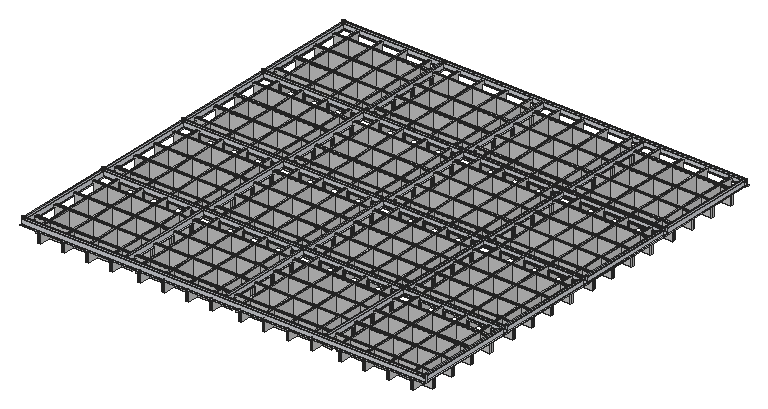
Revit family "GRD-WFL-001_RFA", category Modelos genéricos, Revit 2022 (continued)
Forms (in)
  Extrusion 621, solid
    sketch origin (59.61275, 23.99827, -1.20924) x (0, 1, 0) y (0, 0, -1)
      loop
        line (0.96881, 1.14538) -> (0.96881, -1.85462) -> (0.65631, -1.85462) -> (0.65631, -2.35462) -> (0.96881, -2.35462) -> (3.48948, -2.35462) -> (3.48948, -0.60462) -> (4.19814, -0.60462) -> (4.19814, -2.35462) -> (9.23948, -2.35462) -> (9.23948, -0.60462) -> (9.94814, -0.60462) -> (9.94814, -2.35462) -> (14.98948, -2.35462) -> (14.98948, -0.60462) -> (15.69814, -0.60462) -> (15.69814, -2.35462) -> (20.73948, -2.35462) -> (20.73948, -0.60462) -> (21.44814, -0.60462) -> (21.44814, -2.35462) -> (24.28131, -2.35462) -> (24.28131, -1.85462) -> (23.96881, -1.85462) -> (23.96881, 1.14538) -> (0.96881, 1.14538)
    from -3.96341 to -3.49097
  Extrusion 622, solid
    sketch origin (65.36275, 23.99827, -1.20924) x (0, 1, 0) y (0, 0, -1)
      loop
        line (0.96881, 1.14538) -> (0.96881, -1.85462) -> (0.65631, -1.85462) -> (0.65631, -2.35462) -> (0.96881, -2.35462) -> (3.48948, -2.35462) -> (3.48948, -0.60462) -> (4.19814, -0.60462) -> (4.19814, -2.35462) -> (9.23948, -2.35462) -> (9.23948, -0.60462) -> (9.94814, -0.60462) -> (9.94814, -2.35462) -> (14.98948, -2.35462) -> (14.98948, -0.60462) -> (15.69814, -0.60462) -> (15.69814, -2.35462) -> (20.73948, -2.35462) -> (20.73948, -0.60462) -> (21.44814, -0.60462) -> (21.44814, -2.35462) -> (24.28131, -2.35462) -> (24.28131, -1.85462) -> (23.96881, -1.85462) -> (23.96881, 1.14538) -> (0.96881, 1.14538)
    from -3.96341 to -3.49097
  Extrusion 623, solid
    sketch origin (47.99613, 47.99851, 0) x (1, 0, 0) y (0, 0, 1)
      loop
        line (0.96881, 0.64538) -> (0.96881, -2.35462) -> (3.48948, -2.35462) -> (3.48948, -0.60462) -> (4.19814, -0.60462) -> (4.19814, -2.35462) -> (9.23948, -2.35462) -> (9.23948, -0.60462) -> (9.94814, -0.60462) -> (9.94814, -2.35462) -> (14.98948, -2.35462) -> (14.98948, -0.60462) -> (15.69814, -0.60462) -> (15.69814, -2.35462) -> (20.73948, -2.35462) -> (20.73948, -0.60462) -> (21.44814, -0.60462) -> (21.44814, -2.35462) -> (23.96881, -2.35462) -> (23.96881, 0.64538) -> (24.28131, 0.64538) -> (24.28131, 1.14538) -> (0.65631, 1.14538) -> (0.65631, 0.64538) -> (0.96881, 0.64538)
    from -3.60908 to -3.49097
  Extrusion 624, solid
    sketch origin (47.99613, 47.99851, 0) x (1, 0, 0) y (0, 0, 1)
      loop
        line (0.96881, 0.64538) -> (0.96881, -2.35462) -> (3.48948, -2.35462) -> (3.48948, -0.60462) -> (4.19814, -0.60462) -> (4.19814, -2.35462) -> (9.23948, -2.35462) -> (9.23948, -0.60462) -> (9.94814, -0.60462) -> (9.94814, -2.35462) -> (14.98948, -2.35462) -> (14.98948, -0.60462) -> (15.69814, -0.60462) -> (15.69814, -2.35462) -> (20.73948, -2.35462) -> (20.73948, -0.60462) -> (21.44814, -0.60462) -> (21.44814, -2.35462) -> (23.96881, -2.35462) -> (23.96881, 0.64538) -> (24.28131, 0.64538) -> (24.28131, 1.14538) -> (0.65631, 1.14538) -> (0.65631, 0.64538) -> (0.96881, 0.64538)
    from -4.08152 to -3.60908
  Extrusion 625, solid
    sketch origin (47.99613, 47.99851, 0) x (1, 0, 0) y (0, 0, 1)
      loop
        line (0.96881, 0.64538) -> (0.96881, -2.35462) -> (3.48948, -2.35462) -> (3.48948, -0.60462) -> (4.19814, -0.60462) -> (4.19814, -2.35462) -> (9.23948, -2.35462) -> (9.23948, -0.60462) -> (9.94814, -0.60462) -> (9.94814, -2.35462) -> (14.98948, -2.35462) -> (14.98948, -0.60462) -> (15.69814, -0.60462) -> (15.69814, -2.35462) -> (20.73948, -2.35462) -> (20.73948, -0.60462) -> (21.44814, -0.60462) -> (21.44814, -2.35462) -> (23.96881, -2.35462) -> (23.96881, 0.64538) -> (24.28131, 0.64538) -> (24.28131, 1.14538) -> (0.65631, 1.14538) -> (0.65631, 0.64538) -> (0.96881, 0.64538)
    from -4.19963 to -4.08152
  Extrusion 626, solid
    sketch origin (47.99464, 47.99999, -1.20924) x (0, 1, 0) y (0, 0, -1)
      loop
        line (0.96881, 1.14538) -> (0.96881, -1.85462) -> (0.65631, -1.85462) -> (0.65631, -2.35462) -> (0.96881, -2.35462) -> (3.48948, -2.35462) -> (3.48948, -0.60462) -> (4.19814, -0.60462) -> (4.19814, -2.35462) -> (9.23948, -2.35462) -> (9.23948, -0.60462) -> (9.94814, -0.60462) -> (9.94814, -2.35462) -> (14.98948, -2.35462) -> (14.98948, -0.60462) -> (15.69814, -0.60462) -> (15.69814, -2.35462) -> (20.73948, -2.35462) -> (20.73948, -0.60462) -> (21.44814, -0.60462) -> (21.44814, -2.35462) -> (24.28131, -2.35462) -> (24.28131, -1.85462) -> (23.96881, -1.85462) -> (23.96881, 1.14538) -> (0.96881, 1.14538)
    from -3.60908 to -3.49097
  Extrusion 627, solid
    sketch origin (48.11275, 47.99999, -1.20924) x (0, 1, 0) y (0, 0, -1)
      loop
        line (0.96881, 1.14538) -> (0.96881, -1.85462) -> (0.65631, -1.85462) -> (0.65631, -2.35462) -> (0.96881, -2.35462) -> (3.48948, -2.35462) -> (3.48948, -0.60462) -> (4.19814, -0.60462) -> (4.19814, -2.35462) -> (9.23948, -2.35462) -> (9.23948, -0.60462) -> (9.94814, -0.60462) -> (9.94814, -2.35462) -> (14.98948, -2.35462) -> (14.98948, -0.60462) -> (15.69814, -0.60462) -> (15.69814, -2.35462) -> (20.73948, -2.35462) -> (20.73948, -0.60462) -> (21.44814, -0.60462) -> (21.44814, -2.35462) -> (24.28131, -2.35462) -> (24.28131, -1.85462) -> (23.96881, -1.85462) -> (23.96881, 1.14538) -> (0.96881, 1.14538)
    from -3.96341 to -3.49097
  Extrusion 628, solid
    sketch origin (47.99464, 47.99999, -1.20924) x (0, 1, 0) y (0, 0, -1)
      loop
        line (0.96881, 1.14538) -> (0.96881, -1.85462) -> (0.65631, -1.85462) -> (0.65631, -2.35462) -> (0.96881, -2.35462) -> (3.48948, -2.35462) -> (3.48948, -0.60462) -> (4.19814, -0.60462) -> (4.19814, -2.35462) -> (9.23948, -2.35462) -> (9.23948, -0.60462) -> (9.94814, -0.60462) -> (9.94814, -2.35462) -> (14.98948, -2.35462) -> (14.98948, -0.60462) -> (15.69814, -0.60462) -> (15.69814, -2.35462) -> (20.73948, -2.35462) -> (20.73948, -0.60462) -> (21.44814, -0.60462) -> (21.44814, -2.35462) -> (24.28131, -2.35462) -> (24.28131, -1.85462) -> (23.96881, -1.85462) -> (23.96881, 1.14538) -> (0.96881, 1.14538)
    from -4.19963 to -4.08152
  Extrusion 629, solid
    sketch origin (47.99613, 47.99851, 0) x (1, 0, 0) y (0, 0, 1)
      loop
        line (0.96881, 0.64538) -> (0.96881, -2.35462) -> (3.48948, -2.35462) -> (3.48948, -0.60462) -> (4.19814, -0.60462) -> (4.19814, -2.35462) -> (9.23948, -2.35462) -> (9.23948, -0.60462) -> (9.94814, -0.60462) -> (9.94814, -2.35462) -> (14.98948, -2.35462) -> (14.98948, -0.60462) -> (15.69814, -0.60462) -> (15.69814, -2.35462) -> (20.73948, -2.35462) -> (20.73948, -0.60462) -> (21.44814, -0.60462) -> (21.44814, -2.35462) -> (23.96881, -2.35462) -> (23.96881, 0.64538) -> (24.28131, 0.64538) -> (24.28131, 1.14538) -> (0.65631, 1.14538) -> (0.65631, 0.64538) -> (0.96881, 0.64538)
    from -9.94963 to -9.83152
  Extrusion 630, solid
    sketch origin (47.99613, 47.99851, 0) x (1, 0, 0) y (0, 0, 1)
      loop
        line (0.96881, 0.64538) -> (0.96881, -2.35462) -> (3.48948, -2.35462) -> (3.48948, -0.60462) -> (4.19814, -0.60462) -> (4.19814, -2.35462) -> (9.23948, -2.35462) -> (9.23948, -0.60462) -> (9.94814, -0.60462) -> (9.94814, -2.35462) -> (14.98948, -2.35462) -> (14.98948, -0.60462) -> (15.69814, -0.60462) -> (15.69814, -2.35462) -> (20.73948, -2.35462) -> (20.73948, -0.60462) -> (21.44814, -0.60462) -> (21.44814, -2.35462) -> (23.96881, -2.35462) -> (23.96881, 0.64538) -> (24.28131, 0.64538) -> (24.28131, 1.14538) -> (0.65631, 1.14538) -> (0.65631, 0.64538) -> (0.96881, 0.64538)
    from -9.35908 to -9.24097
  Extrusion 631, solid
    sketch origin (47.99613, 47.99851, 0) x (1, 0, 0) y (0, 0, 1)
      loop
        line (0.96881, 0.64538) -> (0.96881, -2.35462) -> (3.48948, -2.35462) -> (3.48948, -0.60462) -> (4.19814, -0.60462) -> (4.19814, -2.35462) -> (9.23948, -2.35462) -> (9.23948, -0.60462) -> (9.94814, -0.60462) -> (9.94814, -2.35462) -> (14.98948, -2.35462) -> (14.98948, -0.60462) -> (15.69814, -0.60462) -> (15.69814, -2.35462) -> (20.73948, -2.35462) -> (20.73948, -0.60462) -> (21.44814, -0.60462) -> (21.44814, -2.35462) -> (23.96881, -2.35462) -> (23.96881, 0.64538) -> (24.28131, 0.64538) -> (24.28131, 1.14538) -> (0.65631, 1.14538) -> (0.65631, 0.64538) -> (0.96881, 0.64538)
    from -9.83152 to -9.35908
  Extrusion 632, solid
    sketch origin (47.99613, 47.99851, 0) x (1, 0, 0) y (0, 0, 1)
      loop
        line (0.96881, 0.64538) -> (0.96881, -2.35462) -> (3.48948, -2.35462) -> (3.48948, -0.60462) -> (4.19814, -0.60462) -> (4.19814, -2.35462) -> (9.23948, -2.35462) -> (9.23948, -0.60462) -> (9.94814, -0.60462) -> (9.94814, -2.35462) -> (14.98948, -2.35462) -> (14.98948, -0.60462) -> (15.69814, -0.60462) -> (15.69814, -2.35462) -> (20.73948, -2.35462) -> (20.73948, -0.60462) -> (21.44814, -0.60462) -> (21.44814, -2.35462) -> (23.96881, -2.35462) -> (23.96881, 0.64538) -> (24.28131, 0.64538) -> (24.28131, 1.14538) -> (0.65631, 1.14538) -> (0.65631, 0.64538) -> (0.96881, 0.64538)
    from -15.69963 to -15.58152
  Extrusion 633, solid
    sketch origin (47.99613, 47.99851, 0) x (1, 0, 0) y (0, 0, 1)
      loop
        line (0.96881, 0.64538) -> (0.96881, -2.35462) -> (3.48948, -2.35462) -> (3.48948, -0.60462) -> (4.19814, -0.60462) -> (4.19814, -2.35462) -> (9.23948, -2.35462) -> (9.23948, -0.60462) -> (9.94814, -0.60462) -> (9.94814, -2.35462) -> (14.98948, -2.35462) -> (14.98948, -0.60462) -> (15.69814, -0.60462) -> (15.69814, -2.35462) -> (20.73948, -2.35462) -> (20.73948, -0.60462) -> (21.44814, -0.60462) -> (21.44814, -2.35462) -> (23.96881, -2.35462) -> (23.96881, 0.64538) -> (24.28131, 0.64538) -> (24.28131, 1.14538) -> (0.65631, 1.14538) -> (0.65631, 0.64538) -> (0.96881, 0.64538)
    from -15.10908 to -14.99097
  Extrusion 634, solid
    sketch origin (47.99613, 47.99851, 0) x (1, 0, 0) y (0, 0, 1)
      loop
        line (0.96881, 0.64538) -> (0.96881, -2.35462) -> (3.48948, -2.35462) -> (3.48948, -0.60462) -> (4.19814, -0.60462) -> (4.19814, -2.35462) -> (9.23948, -2.35462) -> (9.23948, -0.60462) -> (9.94814, -0.60462) -> (9.94814, -2.35462) -> (14.98948, -2.35462) -> (14.98948, -0.60462) -> (15.69814, -0.60462) -> (15.69814, -2.35462) -> (20.73948, -2.35462) -> (20.73948, -0.60462) -> (21.44814, -0.60462) -> (21.44814, -2.35462) -> (23.96881, -2.35462) -> (23.96881, 0.64538) -> (24.28131, 0.64538) -> (24.28131, 1.14538) -> (0.65631, 1.14538) -> (0.65631, 0.64538) -> (0.96881, 0.64538)
    from -15.58152 to -15.10908
  Extrusion 635, solid
    sketch origin (47.99613, 47.99851, 0) x (1, 0, 0) y (0, 0, 1)
      loop
        line (0.96881, 0.64538) -> (0.96881, -2.35462) -> (3.48948, -2.35462) -> (3.48948, -0.60462) -> (4.19814, -0.60462) -> (4.19814, -2.35462) -> (9.23948, -2.35462) -> (9.23948, -0.60462) -> (9.94814, -0.60462) -> (9.94814, -2.35462) -> (14.98948, -2.35462) -> (14.98948, -0.60462) -> (15.69814, -0.60462) -> (15.69814, -2.35462) -> (20.73948, -2.35462) -> (20.73948, -0.60462) -> (21.44814, -0.60462) -> (21.44814, -2.35462) -> (23.96881, -2.35462) -> (23.96881, 0.64538) -> (24.28131, 0.64538) -> (24.28131, 1.14538) -> (0.65631, 1.14538) -> (0.65631, 0.64538) -> (0.96881, 0.64538)
    from -21.44963 to -21.33152
  Extrusion 636, solid
    sketch origin (47.99613, 47.99851, 0) x (1, 0, 0) y (0, 0, 1)
      loop
        line (0.96881, 0.64538) -> (0.96881, -2.35462) -> (3.48948, -2.35462) -> (3.48948, -0.60462) -> (4.19814, -0.60462) -> (4.19814, -2.35462) -> (9.23948, -2.35462) -> (9.23948, -0.60462) -> (9.94814, -0.60462) -> (9.94814, -2.35462) -> (14.98948, -2.35462) -> (14.98948, -0.60462) -> (15.69814, -0.60462) -> (15.69814, -2.35462) -> (20.73948, -2.35462) -> (20.73948, -0.60462) -> (21.44814, -0.60462) -> (21.44814, -2.35462) -> (23.96881, -2.35462) -> (23.96881, 0.64538) -> (24.28131, 0.64538) -> (24.28131, 1.14538) -> (0.65631, 1.14538) -> (0.65631, 0.64538) -> (0.96881, 0.64538)
    from -20.85908 to -20.74097
  Extrusion 637, solid
    sketch origin (47.99613, 47.99851, 0) x (1, 0, 0) y (0, 0, 1)
      loop
        line (0.96881, 0.64538) -> (0.96881, -2.35462) -> (3.48948, -2.35462) -> (3.48948, -0.60462) -> (4.19814, -0.60462) -> (4.19814, -2.35462) -> (9.23948, -2.35462) -> (9.23948, -0.60462) -> (9.94814, -0.60462) -> (9.94814, -2.35462) -> (14.98948, -2.35462) -> (14.98948, -0.60462) -> (15.69814, -0.60462) -> (15.69814, -2.35462) -> (20.73948, -2.35462) -> (20.73948, -0.60462) -> (21.44814, -0.60462) -> (21.44814, -2.35462) -> (23.96881, -2.35462) -> (23.96881, 0.64538) -> (24.28131, 0.64538) -> (24.28131, 1.14538) -> (0.65631, 1.14538) -> (0.65631, 0.64538) -> (0.96881, 0.64538)
    from -21.33152 to -20.85908
  Extrusion 638, solid
    sketch origin (53.74464, 47.99999, -1.20924) x (0, 1, 0) y (0, 0, -1)
      loop
        line (0.96881, 1.14538) -> (0.96881, -1.85462) -> (0.65631, -1.85462) -> (0.65631, -2.35462) -> (0.96881, -2.35462) -> (3.48948, -2.35462) -> (3.48948, -0.60462) -> (4.19814, -0.60462) -> (4.19814, -2.35462) -> (9.23948, -2.35462) -> (9.23948, -0.60462) -> (9.94814, -0.60462) -> (9.94814, -2.35462) -> (14.98948, -2.35462) -> (14.98948, -0.60462) -> (15.69814, -0.60462) -> (15.69814, -2.35462) -> (20.73948, -2.35462) -> (20.73948, -0.60462) -> (21.44814, -0.60462) -> (21.44814, -2.35462) -> (24.28131, -2.35462) -> (24.28131, -1.85462) -> (23.96881, -1.85462) -> (23.96881, 1.14538) -> (0.96881, 1.14538)
    from -4.19963 to -4.08152
  Extrusion 639, solid
    sketch origin (53.15409, 47.99999, -1.20924) x (0, 1, 0) y (0, 0, -1)
      loop
        line (0.96881, 1.14538) -> (0.96881, -1.85462) -> (0.65631, -1.85462) -> (0.65631, -2.35462) -> (0.96881, -2.35462) -> (3.48948, -2.35462) -> (3.48948, -0.60462) -> (4.19814, -0.60462) -> (4.19814, -2.35462) -> (9.23948, -2.35462) -> (9.23948, -0.60462) -> (9.94814, -0.60462) -> (9.94814, -2.35462) -> (14.98948, -2.35462) -> (14.98948, -0.60462) -> (15.69814, -0.60462) -> (15.69814, -2.35462) -> (20.73948, -2.35462) -> (20.73948, -0.60462) -> (21.44814, -0.60462) -> (21.44814, -2.35462) -> (24.28131, -2.35462) -> (24.28131, -1.85462) -> (23.96881, -1.85462) -> (23.96881, 1.14538) -> (0.96881, 1.14538)
    from -4.19963 to -4.08152
  Extrusion 640, solid
    sketch origin (59.49464, 47.99999, -1.20924) x (0, 1, 0) y (0, 0, -1)
      loop
        line (0.96881, 1.14538) -> (0.96881, -1.85462) -> (0.65631, -1.85462) -> (0.65631, -2.35462) -> (0.96881, -2.35462) -> (3.48948, -2.35462) -> (3.48948, -0.60462) -> (4.19814, -0.60462) -> (4.19814, -2.35462) -> (9.23948, -2.35462) -> (9.23948, -0.60462) -> (9.94814, -0.60462) -> (9.94814, -2.35462) -> (14.98948, -2.35462) -> (14.98948, -0.60462) -> (15.69814, -0.60462) -> (15.69814, -2.35462) -> (20.73948, -2.35462) -> (20.73948, -0.60462) -> (21.44814, -0.60462) -> (21.44814, -2.35462) -> (24.28131, -2.35462) -> (24.28131, -1.85462) -> (23.96881, -1.85462) -> (23.96881, 1.14538) -> (0.96881, 1.14538)
    from -4.19963 to -4.08152
  Extrusion 641, solid
    sketch origin (58.90409, 47.99999, -1.20924) x (0, 1, 0) y (0, 0, -1)
      loop
        line (0.96881, 1.14538) -> (0.96881, -1.85462) -> (0.65631, -1.85462) -> (0.65631, -2.35462) -> (0.96881, -2.35462) -> (3.48948, -2.35462) -> (3.48948, -0.60462) -> (4.19814, -0.60462) -> (4.19814, -2.35462) -> (9.23948, -2.35462) -> (9.23948, -0.60462) -> (9.94814, -0.60462) -> (9.94814, -2.35462) -> (14.98948, -2.35462) -> (14.98948, -0.60462) -> (15.69814, -0.60462) -> (15.69814, -2.35462) -> (20.73948, -2.35462) -> (20.73948, -0.60462) -> (21.44814, -0.60462) -> (21.44814, -2.35462) -> (24.28131, -2.35462) -> (24.28131, -1.85462) -> (23.96881, -1.85462) -> (23.96881, 1.14538) -> (0.96881, 1.14538)
    from -4.19963 to -4.08152
  Extrusion 642, solid
    sketch origin (64.65409, 47.99999, -1.20924) x (0, 1, 0) y (0, 0, -1)
      loop
        line (0.96881, 1.14538) -> (0.96881, -1.85462) -> (0.65631, -1.85462) -> (0.65631, -2.35462) -> (0.96881, -2.35462) -> (3.48948, -2.35462) -> (3.48948, -0.60462) -> (4.19814, -0.60462) -> (4.19814, -2.35462) -> (9.23948, -2.35462) -> (9.23948, -0.60462) -> (9.94814, -0.60462) -> (9.94814, -2.35462) -> (14.98948, -2.35462) -> (14.98948, -0.60462) -> (15.69814, -0.60462) -> (15.69814, -2.35462) -> (20.73948, -2.35462) -> (20.73948, -0.60462) -> (21.44814, -0.60462) -> (21.44814, -2.35462) -> (24.28131, -2.35462) -> (24.28131, -1.85462) -> (23.96881, -1.85462) -> (23.96881, 1.14538) -> (0.96881, 1.14538)
    from -4.19963 to -4.08152
  Extrusion 643, solid
    sketch origin (65.24464, 47.99999, -1.20924) x (0, 1, 0) y (0, 0, -1)
      loop
        line (0.96881, 1.14538) -> (0.96881, -1.85462) -> (0.65631, -1.85462) -> (0.65631, -2.35462) -> (0.96881, -2.35462) -> (3.48948, -2.35462) -> (3.48948, -0.60462) -> (4.19814, -0.60462) -> (4.19814, -2.35462) -> (9.23948, -2.35462) -> (9.23948, -0.60462) -> (9.94814, -0.60462) -> (9.94814, -2.35462) -> (14.98948, -2.35462) -> (14.98948, -0.60462) -> (15.69814, -0.60462) -> (15.69814, -2.35462) -> (20.73948, -2.35462) -> (20.73948, -0.60462) -> (21.44814, -0.60462) -> (21.44814, -2.35462) -> (24.28131, -2.35462) -> (24.28131, -1.85462) -> (23.96881, -1.85462) -> (23.96881, 1.14538) -> (0.96881, 1.14538)
    from -4.19963 to -4.08152
  Extrusion 644, solid
    sketch origin (53.86275, 47.99999, -1.20924) x (0, 1, 0) y (0, 0, -1)
      loop
        line (0.96881, 1.14538) -> (0.96881, -1.85462) -> (0.65631, -1.85462) -> (0.65631, -2.35462) -> (0.96881, -2.35462) -> (3.48948, -2.35462) -> (3.48948, -0.60462) -> (4.19814, -0.60462) -> (4.19814, -2.35462) -> (9.23948, -2.35462) -> (9.23948, -0.60462) -> (9.94814, -0.60462) -> (9.94814, -2.35462) -> (14.98948, -2.35462) -> (14.98948, -0.60462) -> (15.69814, -0.60462) -> (15.69814, -2.35462) -> (20.73948, -2.35462) -> (20.73948, -0.60462) -> (21.44814, -0.60462) -> (21.44814, -2.35462) -> (24.28131, -2.35462) -> (24.28131, -1.85462) -> (23.96881, -1.85462) -> (23.96881, 1.14538) -> (0.96881, 1.14538)
    from -3.96341 to -3.49097
  Extrusion 645, solid
    sketch origin (59.61275, 47.99999, -1.20924) x (0, 1, 0) y (0, 0, -1)
      loop
        line (0.96881, 1.14538) -> (0.96881, -1.85462) -> (0.65631, -1.85462) -> (0.65631, -2.35462) -> (0.96881, -2.35462) -> (3.48948, -2.35462) -> (3.48948, -0.60462) -> (4.19814, -0.60462) -> (4.19814, -2.35462) -> (9.23948, -2.35462) -> (9.23948, -0.60462) -> (9.94814, -0.60462) -> (9.94814, -2.35462) -> (14.98948, -2.35462) -> (14.98948, -0.60462) -> (15.69814, -0.60462) -> (15.69814, -2.35462) -> (20.73948, -2.35462) -> (20.73948, -0.60462) -> (21.44814, -0.60462) -> (21.44814, -2.35462) -> (24.28131, -2.35462) -> (24.28131, -1.85462) -> (23.96881, -1.85462) -> (23.96881, 1.14538) -> (0.96881, 1.14538)
    from -3.96341 to -3.49097
  Extrusion 646, solid
    sketch origin (65.36275, 47.99999, -1.20924) x (0, 1, 0) y (0, 0, -1)
      loop
        line (0.96881, 1.14538) -> (0.96881, -1.85462) -> (0.65631, -1.85462) -> (0.65631, -2.35462) -> (0.96881, -2.35462) -> (3.48948, -2.35462) -> (3.48948, -0.60462) -> (4.19814, -0.60462) -> (4.19814, -2.35462) -> (9.23948, -2.35462) -> (9.23948, -0.60462) -> (9.94814, -0.60462) -> (9.94814, -2.35462) -> (14.98948, -2.35462) -> (14.98948, -0.60462) -> (15.69814, -0.60462) -> (15.69814, -2.35462) -> (20.73948, -2.35462) -> (20.73948, -0.60462) -> (21.44814, -0.60462) -> (21.44814, -2.35462) -> (24.28131, -2.35462) -> (24.28131, -1.85462) -> (23.96881, -1.85462) -> (23.96881, 1.14538) -> (0.96881, 1.14538)
    from -3.96341 to -3.49097
  Extrusion 647, solid
    sketch origin (47.99613, 71.99679, 0) x (1, 0, 0) y (0, 0, 1)
      loop
        line (0.96881, 0.64538) -> (0.96881, -2.35462) -> (3.48948, -2.35462) -> (3.48948, -0.60462) -> (4.19814, -0.60462) -> (4.19814, -2.35462) -> (9.23948, -2.35462) -> (9.23948, -0.60462) -> (9.94814, -0.60462) -> (9.94814, -2.35462) -> (14.98948, -2.35462) -> (14.98948, -0.60462) -> (15.69814, -0.60462) -> (15.69814, -2.35462) -> (20.73948, -2.35462) -> (20.73948, -0.60462) -> (21.44814, -0.60462) -> (21.44814, -2.35462) -> (23.96881, -2.35462) -> (23.96881, 0.64538) -> (24.28131, 0.64538) -> (24.28131, 1.14538) -> (0.65631, 1.14538) -> (0.65631, 0.64538) -> (0.96881, 0.64538)
    from -3.60908 to -3.49097
  Extrusion 648, solid
    sketch origin (47.99613, 71.99679, 0) x (1, 0, 0) y (0, 0, 1)
      loop
        line (0.96881, 0.64538) -> (0.96881, -2.35462) -> (3.48948, -2.35462) -> (3.48948, -0.60462) -> (4.19814, -0.60462) -> (4.19814, -2.35462) -> (9.23948, -2.35462) -> (9.23948, -0.60462) -> (9.94814, -0.60462) -> (9.94814, -2.35462) -> (14.98948, -2.35462) -> (14.98948, -0.60462) -> (15.69814, -0.60462) -> (15.69814, -2.35462) -> (20.73948, -2.35462) -> (20.73948, -0.60462) -> (21.44814, -0.60462) -> (21.44814, -2.35462) -> (23.96881, -2.35462) -> (23.96881, 0.64538) -> (24.28131, 0.64538) -> (24.28131, 1.14538) -> (0.65631, 1.14538) -> (0.65631, 0.64538) -> (0.96881, 0.64538)
    from -4.08152 to -3.60908
  Extrusion 649, solid
    sketch origin (47.99613, 71.99679, 0) x (1, 0, 0) y (0, 0, 1)
      loop
        line (0.96881, 0.64538) -> (0.96881, -2.35462) -> (3.48948, -2.35462) -> (3.48948, -0.60462) -> (4.19814, -0.60462) -> (4.19814, -2.35462) -> (9.23948, -2.35462) -> (9.23948, -0.60462) -> (9.94814, -0.60462) -> (9.94814, -2.35462) -> (14.98948, -2.35462) -> (14.98948, -0.60462) -> (15.69814, -0.60462) -> (15.69814, -2.35462) -> (20.73948, -2.35462) -> (20.73948, -0.60462) -> (21.44814, -0.60462) -> (21.44814, -2.35462) -> (23.96881, -2.35462) -> (23.96881, 0.64538) -> (24.28131, 0.64538) -> (24.28131, 1.14538) -> (0.65631, 1.14538) -> (0.65631, 0.64538) -> (0.96881, 0.64538)
    from -4.19963 to -4.08152
  Extrusion 650, solid
    sketch origin (47.99464, 71.99827, -1.20924) x (0, 1, 0) y (0, 0, -1)
      loop
        line (0.96881, 1.14538) -> (0.96881, -1.85462) -> (0.65631, -1.85462) -> (0.65631, -2.35462) -> (0.96881, -2.35462) -> (3.48948, -2.35462) -> (3.48948, -0.60462) -> (4.19814, -0.60462) -> (4.19814, -2.35462) -> (9.23948, -2.35462) -> (9.23948, -0.60462) -> (9.94814, -0.60462) -> (9.94814, -2.35462) -> (14.98948, -2.35462) -> (14.98948, -0.60462) -> (15.69814, -0.60462) -> (15.69814, -2.35462) -> (20.73948, -2.35462) -> (20.73948, -0.60462) -> (21.44814, -0.60462) -> (21.44814, -2.35462) -> (24.28131, -2.35462) -> (24.28131, -1.85462) -> (23.96881, -1.85462) -> (23.96881, 1.14538) -> (0.96881, 1.14538)
    from -3.60908 to -3.49097
  Extrusion 651, solid
    sketch origin (48.11275, 71.99827, -1.20924) x (0, 1, 0) y (0, 0, -1)
      loop
        line (0.96881, 1.14538) -> (0.96881, -1.85462) -> (0.65631, -1.85462) -> (0.65631, -2.35462) -> (0.96881, -2.35462) -> (3.48948, -2.35462) -> (3.48948, -0.60462) -> (4.19814, -0.60462) -> (4.19814, -2.35462) -> (9.23948, -2.35462) -> (9.23948, -0.60462) -> (9.94814, -0.60462) -> (9.94814, -2.35462) -> (14.98948, -2.35462) -> (14.98948, -0.60462) -> (15.69814, -0.60462) -> (15.69814, -2.35462) -> (20.73948, -2.35462) -> (20.73948, -0.60462) -> (21.44814, -0.60462) -> (21.44814, -2.35462) -> (24.28131, -2.35462) -> (24.28131, -1.85462) -> (23.96881, -1.85462) -> (23.96881, 1.14538) -> (0.96881, 1.14538)
    from -3.96341 to -3.49097
  Extrusion 652, solid
    sketch origin (47.99464, 71.99827, -1.20924) x (0, 1, 0) y (0, 0, -1)
      loop
        line (0.96881, 1.14538) -> (0.96881, -1.85462) -> (0.65631, -1.85462) -> (0.65631, -2.35462) -> (0.96881, -2.35462) -> (3.48948, -2.35462) -> (3.48948, -0.60462) -> (4.19814, -0.60462) -> (4.19814, -2.35462) -> (9.23948, -2.35462) -> (9.23948, -0.60462) -> (9.94814, -0.60462) -> (9.94814, -2.35462) -> (14.98948, -2.35462) -> (14.98948, -0.60462) -> (15.69814, -0.60462) -> (15.69814, -2.35462) -> (20.73948, -2.35462) -> (20.73948, -0.60462) -> (21.44814, -0.60462) -> (21.44814, -2.35462) -> (24.28131, -2.35462) -> (24.28131, -1.85462) -> (23.96881, -1.85462) -> (23.96881, 1.14538) -> (0.96881, 1.14538)
    from -4.19963 to -4.08152
  Extrusion 653, solid
    sketch origin (47.99613, 71.99679, 0) x (1, 0, 0) y (0, 0, 1)
      loop
        line (0.96881, 0.64538) -> (0.96881, -2.35462) -> (3.48948, -2.35462) -> (3.48948, -0.60462) -> (4.19814, -0.60462) -> (4.19814, -2.35462) -> (9.23948, -2.35462) -> (9.23948, -0.60462) -> (9.94814, -0.60462) -> (9.94814, -2.35462) -> (14.98948, -2.35462) -> (14.98948, -0.60462) -> (15.69814, -0.60462) -> (15.69814, -2.35462) -> (20.73948, -2.35462) -> (20.73948, -0.60462) -> (21.44814, -0.60462) -> (21.44814, -2.35462) -> (23.96881, -2.35462) -> (23.96881, 0.64538) -> (24.28131, 0.64538) -> (24.28131, 1.14538) -> (0.65631, 1.14538) -> (0.65631, 0.64538) -> (0.96881, 0.64538)
    from -9.94963 to -9.83152
  Extrusion 654, solid
    sketch origin (47.99613, 71.99679, 0) x (1, 0, 0) y (0, 0, 1)
      loop
        line (0.96881, 0.64538) -> (0.96881, -2.35462) -> (3.48948, -2.35462) -> (3.48948, -0.60462) -> (4.19814, -0.60462) -> (4.19814, -2.35462) -> (9.23948, -2.35462) -> (9.23948, -0.60462) -> (9.94814, -0.60462) -> (9.94814, -2.35462) -> (14.98948, -2.35462) -> (14.98948, -0.60462) -> (15.69814, -0.60462) -> (15.69814, -2.35462) -> (20.73948, -2.35462) -> (20.73948, -0.60462) -> (21.44814, -0.60462) -> (21.44814, -2.35462) -> (23.96881, -2.35462) -> (23.96881, 0.64538) -> (24.28131, 0.64538) -> (24.28131, 1.14538) -> (0.65631, 1.14538) -> (0.65631, 0.64538) -> (0.96881, 0.64538)
    from -9.35908 to -9.24097
  Extrusion 655, solid
    sketch origin (47.99613, 71.99679, 0) x (1, 0, 0) y (0, 0, 1)
      loop
        line (0.96881, 0.64538) -> (0.96881, -2.35462) -> (3.48948, -2.35462) -> (3.48948, -0.60462) -> (4.19814, -0.60462) -> (4.19814, -2.35462) -> (9.23948, -2.35462) -> (9.23948, -0.60462) -> (9.94814, -0.60462) -> (9.94814, -2.35462) -> (14.98948, -2.35462) -> (14.98948, -0.60462) -> (15.69814, -0.60462) -> (15.69814, -2.35462) -> (20.73948, -2.35462) -> (20.73948, -0.60462) -> (21.44814, -0.60462) -> (21.44814, -2.35462) -> (23.96881, -2.35462) -> (23.96881, 0.64538) -> (24.28131, 0.64538) -> (24.28131, 1.14538) -> (0.65631, 1.14538) -> (0.65631, 0.64538) -> (0.96881, 0.64538)
    from -9.83152 to -9.35908
  Extrusion 656, solid
    sketch origin (47.99613, 71.99679, 0) x (1, 0, 0) y (0, 0, 1)
      loop
        line (0.96881, 0.64538) -> (0.96881, -2.35462) -> (3.48948, -2.35462) -> (3.48948, -0.60462) -> (4.19814, -0.60462) -> (4.19814, -2.35462) -> (9.23948, -2.35462) -> (9.23948, -0.60462) -> (9.94814, -0.60462) -> (9.94814, -2.35462) -> (14.98948, -2.35462) -> (14.98948, -0.60462) -> (15.69814, -0.60462) -> (15.69814, -2.35462) -> (20.73948, -2.35462) -> (20.73948, -0.60462) -> (21.44814, -0.60462) -> (21.44814, -2.35462) -> (23.96881, -2.35462) -> (23.96881, 0.64538) -> (24.28131, 0.64538) -> (24.28131, 1.14538) -> (0.65631, 1.14538) -> (0.65631, 0.64538) -> (0.96881, 0.64538)
    from -15.69963 to -15.58152
  Extrusion 657, solid
    sketch origin (47.99613, 71.99679, 0) x (1, 0, 0) y (0, 0, 1)
      loop
        line (0.96881, 0.64538) -> (0.96881, -2.35462) -> (3.48948, -2.35462) -> (3.48948, -0.60462) -> (4.19814, -0.60462) -> (4.19814, -2.35462) -> (9.23948, -2.35462) -> (9.23948, -0.60462) -> (9.94814, -0.60462) -> (9.94814, -2.35462) -> (14.98948, -2.35462) -> (14.98948, -0.60462) -> (15.69814, -0.60462) -> (15.69814, -2.35462) -> (20.73948, -2.35462) -> (20.73948, -0.60462) -> (21.44814, -0.60462) -> (21.44814, -2.35462) -> (23.96881, -2.35462) -> (23.96881, 0.64538) -> (24.28131, 0.64538) -> (24.28131, 1.14538) -> (0.65631, 1.14538) -> (0.65631, 0.64538) -> (0.96881, 0.64538)
    from -15.10908 to -14.99097
  Extrusion 658, solid
    sketch origin (47.99613, 71.99679, 0) x (1, 0, 0) y (0, 0, 1)
      loop
        line (0.96881, 0.64538) -> (0.96881, -2.35462) -> (3.48948, -2.35462) -> (3.48948, -0.60462) -> (4.19814, -0.60462) -> (4.19814, -2.35462) -> (9.23948, -2.35462) -> (9.23948, -0.60462) -> (9.94814, -0.60462) -> (9.94814, -2.35462) -> (14.98948, -2.35462) -> (14.98948, -0.60462) -> (15.69814, -0.60462) -> (15.69814, -2.35462) -> (20.73948, -2.35462) -> (20.73948, -0.60462) -> (21.44814, -0.60462) -> (21.44814, -2.35462) -> (23.96881, -2.35462) -> (23.96881, 0.64538) -> (24.28131, 0.64538) -> (24.28131, 1.14538) -> (0.65631, 1.14538) -> (0.65631, 0.64538) -> (0.96881, 0.64538)
    from -15.58152 to -15.10908
  Extrusion 659, solid
    sketch origin (47.99613, 71.99679, 0) x (1, 0, 0) y (0, 0, 1)
      loop
        line (0.96881, 0.64538) -> (0.96881, -2.35462) -> (3.48948, -2.35462) -> (3.48948, -0.60462) -> (4.19814, -0.60462) -> (4.19814, -2.35462) -> (9.23948, -2.35462) -> (9.23948, -0.60462) -> (9.94814, -0.60462) -> (9.94814, -2.35462) -> (14.98948, -2.35462) -> (14.98948, -0.60462) -> (15.69814, -0.60462) -> (15.69814, -2.35462) -> (20.73948, -2.35462) -> (20.73948, -0.60462) -> (21.44814, -0.60462) -> (21.44814, -2.35462) -> (23.96881, -2.35462) -> (23.96881, 0.64538) -> (24.28131, 0.64538) -> (24.28131, 1.14538) -> (0.65631, 1.14538) -> (0.65631, 0.64538) -> (0.96881, 0.64538)
    from -21.44963 to -21.33152
  Extrusion 660, solid
    sketch origin (47.99613, 71.99679, 0) x (1, 0, 0) y (0, 0, 1)
      loop
        line (0.96881, 0.64538) -> (0.96881, -2.35462) -> (3.48948, -2.35462) -> (3.48948, -0.60462) -> (4.19814, -0.60462) -> (4.19814, -2.35462) -> (9.23948, -2.35462) -> (9.23948, -0.60462) -> (9.94814, -0.60462) -> (9.94814, -2.35462) -> (14.98948, -2.35462) -> (14.98948, -0.60462) -> (15.69814, -0.60462) -> (15.69814, -2.35462) -> (20.73948, -2.35462) -> (20.73948, -0.60462) -> (21.44814, -0.60462) -> (21.44814, -2.35462) -> (23.96881, -2.35462) -> (23.96881, 0.64538) -> (24.28131, 0.64538) -> (24.28131, 1.14538) -> (0.65631, 1.14538) -> (0.65631, 0.64538) -> (0.96881, 0.64538)
    from -20.85908 to -20.74097
  Extrusion 661, solid
    sketch origin (47.99613, 71.99679, 0) x (1, 0, 0) y (0, 0, 1)
      loop
        line (0.96881, 0.64538) -> (0.96881, -2.35462) -> (3.48948, -2.35462) -> (3.48948, -0.60462) -> (4.19814, -0.60462) -> (4.19814, -2.35462) -> (9.23948, -2.35462) -> (9.23948, -0.60462) -> (9.94814, -0.60462) -> (9.94814, -2.35462) -> (14.98948, -2.35462) -> (14.98948, -0.60462) -> (15.69814, -0.60462) -> (15.69814, -2.35462) -> (20.73948, -2.35462) -> (20.73948, -0.60462) -> (21.44814, -0.60462) -> (21.44814, -2.35462) -> (23.96881, -2.35462) -> (23.96881, 0.64538) -> (24.28131, 0.64538) -> (24.28131, 1.14538) -> (0.65631, 1.14538) -> (0.65631, 0.64538) -> (0.96881, 0.64538)
    from -21.33152 to -20.85908
  Extrusion 662, solid
    sketch origin (53.74464, 71.99827, -1.20924) x (0, 1, 0) y (0, 0, -1)
      loop
        line (0.96881, 1.14538) -> (0.96881, -1.85462) -> (0.65631, -1.85462) -> (0.65631, -2.35462) -> (0.96881, -2.35462) -> (3.48948, -2.35462) -> (3.48948, -0.60462) -> (4.19814, -0.60462) -> (4.19814, -2.35462) -> (9.23948, -2.35462) -> (9.23948, -0.60462) -> (9.94814, -0.60462) -> (9.94814, -2.35462) -> (14.98948, -2.35462) -> (14.98948, -0.60462) -> (15.69814, -0.60462) -> (15.69814, -2.35462) -> (20.73948, -2.35462) -> (20.73948, -0.60462) -> (21.44814, -0.60462) -> (21.44814, -2.35462) -> (24.28131, -2.35462) -> (24.28131, -1.85462) -> (23.96881, -1.85462) -> (23.96881, 1.14538) -> (0.96881, 1.14538)
    from -4.19963 to -4.08152
  Extrusion 663, solid
    sketch origin (53.15409, 71.99827, -1.20924) x (0, 1, 0) y (0, 0, -1)
      loop
        line (0.96881, 1.14538) -> (0.96881, -1.85462) -> (0.65631, -1.85462) -> (0.65631, -2.35462) -> (0.96881, -2.35462) -> (3.48948, -2.35462) -> (3.48948, -0.60462) -> (4.19814, -0.60462) -> (4.19814, -2.35462) -> (9.23948, -2.35462) -> (9.23948, -0.60462) -> (9.94814, -0.60462) -> (9.94814, -2.35462) -> (14.98948, -2.35462) -> (14.98948, -0.60462) -> (15.69814, -0.60462) -> (15.69814, -2.35462) -> (20.73948, -2.35462) -> (20.73948, -0.60462) -> (21.44814, -0.60462) -> (21.44814, -2.35462) -> (24.28131, -2.35462) -> (24.28131, -1.85462) -> (23.96881, -1.85462) -> (23.96881, 1.14538) -> (0.96881, 1.14538)
    from -4.19963 to -4.08152
  Extrusion 664, solid
    sketch origin (59.49464, 71.99827, -1.20924) x (0, 1, 0) y (0, 0, -1)
      loop
        line (0.96881, 1.14538) -> (0.96881, -1.85462) -> (0.65631, -1.85462) -> (0.65631, -2.35462) -> (0.96881, -2.35462) -> (3.48948, -2.35462) -> (3.48948, -0.60462) -> (4.19814, -0.60462) -> (4.19814, -2.35462) -> (9.23948, -2.35462) -> (9.23948, -0.60462) -> (9.94814, -0.60462) -> (9.94814, -2.35462) -> (14.98948, -2.35462) -> (14.98948, -0.60462) -> (15.69814, -0.60462) -> (15.69814, -2.35462) -> (20.73948, -2.35462) -> (20.73948, -0.60462) -> (21.44814, -0.60462) -> (21.44814, -2.35462) -> (24.28131, -2.35462) -> (24.28131, -1.85462) -> (23.96881, -1.85462) -> (23.96881, 1.14538) -> (0.96881, 1.14538)
    from -4.19963 to -4.08152
  Extrusion 665, solid
    sketch origin (58.90409, 71.99827, -1.20924) x (0, 1, 0) y (0, 0, -1)
      loop
        line (0.96881, 1.14538) -> (0.96881, -1.85462) -> (0.65631, -1.85462) -> (0.65631, -2.35462) -> (0.96881, -2.35462) -> (3.48948, -2.35462) -> (3.48948, -0.60462) -> (4.19814, -0.60462) -> (4.19814, -2.35462) -> (9.23948, -2.35462) -> (9.23948, -0.60462) -> (9.94814, -0.60462) -> (9.94814, -2.35462) -> (14.98948, -2.35462) -> (14.98948, -0.60462) -> (15.69814, -0.60462) -> (15.69814, -2.35462) -> (20.73948, -2.35462) -> (20.73948, -0.60462) -> (21.44814, -0.60462) -> (21.44814, -2.35462) -> (24.28131, -2.35462) -> (24.28131, -1.85462) -> (23.96881, -1.85462) -> (23.96881, 1.14538) -> (0.96881, 1.14538)
    from -4.19963 to -4.08152
  Extrusion 666, solid
    sketch origin (64.65409, 71.99827, -1.20924) x (0, 1, 0) y (0, 0, -1)
      loop
        line (0.96881, 1.14538) -> (0.96881, -1.85462) -> (0.65631, -1.85462) -> (0.65631, -2.35462) -> (0.96881, -2.35462) -> (3.48948, -2.35462) -> (3.48948, -0.60462) -> (4.19814, -0.60462) -> (4.19814, -2.35462) -> (9.23948, -2.35462) -> (9.23948, -0.60462) -> (9.94814, -0.60462) -> (9.94814, -2.35462) -> (14.98948, -2.35462) -> (14.98948, -0.60462) -> (15.69814, -0.60462) -> (15.69814, -2.35462) -> (20.73948, -2.35462) -> (20.73948, -0.60462) -> (21.44814, -0.60462) -> (21.44814, -2.35462) -> (24.28131, -2.35462) -> (24.28131, -1.85462) -> (23.96881, -1.85462) -> (23.96881, 1.14538) -> (0.96881, 1.14538)
    from -4.19963 to -4.08152
  Extrusion 667, solid
    sketch origin (65.24464, 71.99827, -1.20924) x (0, 1, 0) y (0, 0, -1)
      loop
        line (0.96881, 1.14538) -> (0.96881, -1.85462) -> (0.65631, -1.85462) -> (0.65631, -2.35462) -> (0.96881, -2.35462) -> (3.48948, -2.35462) -> (3.48948, -0.60462) -> (4.19814, -0.60462) -> (4.19814, -2.35462) -> (9.23948, -2.35462) -> (9.23948, -0.60462) -> (9.94814, -0.60462) -> (9.94814, -2.35462) -> (14.98948, -2.35462) -> (14.98948, -0.60462) -> (15.69814, -0.60462) -> (15.69814, -2.35462) -> (20.73948, -2.35462) -> (20.73948, -0.60462) -> (21.44814, -0.60462) -> (21.44814, -2.35462) -> (24.28131, -2.35462) -> (24.28131, -1.85462) -> (23.96881, -1.85462) -> (23.96881, 1.14538) -> (0.96881, 1.14538)
    from -4.19963 to -4.08152
  Extrusion 668, solid
    sketch origin (53.86275, 71.99827, -1.20924) x (0, 1, 0) y (0, 0, -1)
      loop
        line (0.96881, 1.14538) -> (0.96881, -1.85462) -> (0.65631, -1.85462) -> (0.65631, -2.35462) -> (0.96881, -2.35462) -> (3.48948, -2.35462) -> (3.48948, -0.60462) -> (4.19814, -0.60462) -> (4.19814, -2.35462) -> (9.23948, -2.35462) -> (9.23948, -0.60462) -> (9.94814, -0.60462) -> (9.94814, -2.35462) -> (14.98948, -2.35462) -> (14.98948, -0.60462) -> (15.69814, -0.60462) -> (15.69814, -2.35462) -> (20.73948, -2.35462) -> (20.73948, -0.60462) -> (21.44814, -0.60462) -> (21.44814, -2.35462) -> (24.28131, -2.35462) -> (24.28131, -1.85462) -> (23.96881, -1.85462) -> (23.96881, 1.14538) -> (0.96881, 1.14538)
    from -3.96341 to -3.49097
  Extrusion 669, solid
    sketch origin (59.61275, 71.99827, -1.20924) x (0, 1, 0) y (0, 0, -1)
      loop
        line (0.96881, 1.14538) -> (0.96881, -1.85462) -> (0.65631, -1.85462) -> (0.65631, -2.35462) -> (0.96881, -2.35462) -> (3.48948, -2.35462) -> (3.48948, -0.60462) -> (4.19814, -0.60462) -> (4.19814, -2.35462) -> (9.23948, -2.35462) -> (9.23948, -0.60462) -> (9.94814, -0.60462) -> (9.94814, -2.35462) -> (14.98948, -2.35462) -> (14.98948, -0.60462) -> (15.69814, -0.60462) -> (15.69814, -2.35462) -> (20.73948, -2.35462) -> (20.73948, -0.60462) -> (21.44814, -0.60462) -> (21.44814, -2.35462) -> (24.28131, -2.35462) -> (24.28131, -1.85462) -> (23.96881, -1.85462) -> (23.96881, 1.14538) -> (0.96881, 1.14538)
    from -3.96341 to -3.49097
  Extrusion 670, solid
    sketch origin (65.36275, 71.99827, -1.20924) x (0, 1, 0) y (0, 0, -1)
      loop
        line (0.96881, 1.14538) -> (0.96881, -1.85462) -> (0.65631, -1.85462) -> (0.65631, -2.35462) -> (0.96881, -2.35462) -> (3.48948, -2.35462) -> (3.48948, -0.60462) -> (4.19814, -0.60462) -> (4.19814, -2.35462) -> (9.23948, -2.35462) -> (9.23948, -0.60462) -> (9.94814, -0.60462) -> (9.94814, -2.35462) -> (14.98948, -2.35462) -> (14.98948, -0.60462) -> (15.69814, -0.60462) -> (15.69814, -2.35462) -> (20.73948, -2.35462) -> (20.73948, -0.60462) -> (21.44814, -0.60462) -> (21.44814, -2.35462) -> (24.28131, -2.35462) -> (24.28131, -1.85462) -> (23.96881, -1.85462) -> (23.96881, 1.14538) -> (0.96881, 1.14538)
    from -3.96341 to -3.49097
  Extrusion 671, solid
    sketch origin (71.99849, 23.99679, 0) x (1, 0, 0) y (0, 0, 1)
      loop
        line (0.96881, 0.64538) -> (0.96881, -2.35462) -> (3.48948, -2.35462) -> (3.48948, -0.60462) -> (4.19814, -0.60462) -> (4.19814, -2.35462) -> (9.23948, -2.35462) -> (9.23948, -0.60462) -> (9.94814, -0.60462) -> (9.94814, -2.35462) -> (14.98948, -2.35462) -> (14.98948, -0.60462) -> (15.69814, -0.60462) -> (15.69814, -2.35462) -> (20.73948, -2.35462) -> (20.73948, -0.60462) -> (21.44814, -0.60462) -> (21.44814, -2.35462) -> (23.96881, -2.35462) -> (23.96881, 0.64538) -> (24.28131, 0.64538) -> (24.28131, 1.14538) -> (0.65631, 1.14538) -> (0.65631, 0.64538) -> (0.96881, 0.64538)
    from -3.60908 to -3.49097
  Extrusion 672, solid
    sketch origin (71.99849, 23.99679, 0) x (1, 0, 0) y (0, 0, 1)
      loop
        line (0.96881, 0.64538) -> (0.96881, -2.35462) -> (3.48948, -2.35462) -> (3.48948, -0.60462) -> (4.19814, -0.60462) -> (4.19814, -2.35462) -> (9.23948, -2.35462) -> (9.23948, -0.60462) -> (9.94814, -0.60462) -> (9.94814, -2.35462) -> (14.98948, -2.35462) -> (14.98948, -0.60462) -> (15.69814, -0.60462) -> (15.69814, -2.35462) -> (20.73948, -2.35462) -> (20.73948, -0.60462) -> (21.44814, -0.60462) -> (21.44814, -2.35462) -> (23.96881, -2.35462) -> (23.96881, 0.64538) -> (24.28131, 0.64538) -> (24.28131, 1.14538) -> (0.65631, 1.14538) -> (0.65631, 0.64538) -> (0.96881, 0.64538)
    from -4.08152 to -3.60908
  Extrusion 673, solid
    sketch origin (71.99849, 23.99679, 0) x (1, 0, 0) y (0, 0, 1)
      loop
        line (0.96881, 0.64538) -> (0.96881, -2.35462) -> (3.48948, -2.35462) -> (3.48948, -0.60462) -> (4.19814, -0.60462) -> (4.19814, -2.35462) -> (9.23948, -2.35462) -> (9.23948, -0.60462) -> (9.94814, -0.60462) -> (9.94814, -2.35462) -> (14.98948, -2.35462) -> (14.98948, -0.60462) -> (15.69814, -0.60462) -> (15.69814, -2.35462) -> (20.73948, -2.35462) -> (20.73948, -0.60462) -> (21.44814, -0.60462) -> (21.44814, -2.35462) -> (23.96881, -2.35462) -> (23.96881, 0.64538) -> (24.28131, 0.64538) -> (24.28131, 1.14538) -> (0.65631, 1.14538) -> (0.65631, 0.64538) -> (0.96881, 0.64538)
    from -4.19963 to -4.08152
  Extrusion 674, solid
    sketch origin (71.997, 23.99827, -1.20924) x (0, 1, 0) y (0, 0, -1)
      loop
        line (0.96881, 1.14538) -> (0.96881, -1.85462) -> (0.65631, -1.85462) -> (0.65631, -2.35462) -> (0.96881, -2.35462) -> (3.48948, -2.35462) -> (3.48948, -0.60462) -> (4.19814, -0.60462) -> (4.19814, -2.35462) -> (9.23948, -2.35462) -> (9.23948, -0.60462) -> (9.94814, -0.60462) -> (9.94814, -2.35462) -> (14.98948, -2.35462) -> (14.98948, -0.60462) -> (15.69814, -0.60462) -> (15.69814, -2.35462) -> (20.73948, -2.35462) -> (20.73948, -0.60462) -> (21.44814, -0.60462) -> (21.44814, -2.35462) -> (24.28131, -2.35462) -> (24.28131, -1.85462) -> (23.96881, -1.85462) -> (23.96881, 1.14538) -> (0.96881, 1.14538)
    from -3.60908 to -3.49097
  Extrusion 675, solid
    sketch origin (72.11511, 23.99827, -1.20924) x (0, 1, 0) y (0, 0, -1)
      loop
        line (0.96881, 1.14538) -> (0.96881, -1.85462) -> (0.65631, -1.85462) -> (0.65631, -2.35462) -> (0.96881, -2.35462) -> (3.48948, -2.35462) -> (3.48948, -0.60462) -> (4.19814, -0.60462) -> (4.19814, -2.35462) -> (9.23948, -2.35462) -> (9.23948, -0.60462) -> (9.94814, -0.60462) -> (9.94814, -2.35462) -> (14.98948, -2.35462) -> (14.98948, -0.60462) -> (15.69814, -0.60462) -> (15.69814, -2.35462) -> (20.73948, -2.35462) -> (20.73948, -0.60462) -> (21.44814, -0.60462) -> (21.44814, -2.35462) -> (24.28131, -2.35462) -> (24.28131, -1.85462) -> (23.96881, -1.85462) -> (23.96881, 1.14538) -> (0.96881, 1.14538)
    from -3.96341 to -3.49097
  Extrusion 676, solid
    sketch origin (71.997, 23.99827, -1.20924) x (0, 1, 0) y (0, 0, -1)
      loop
        line (0.96881, 1.14538) -> (0.96881, -1.85462) -> (0.65631, -1.85462) -> (0.65631, -2.35462) -> (0.96881, -2.35462) -> (3.48948, -2.35462) -> (3.48948, -0.60462) -> (4.19814, -0.60462) -> (4.19814, -2.35462) -> (9.23948, -2.35462) -> (9.23948, -0.60462) -> (9.94814, -0.60462) -> (9.94814, -2.35462) -> (14.98948, -2.35462) -> (14.98948, -0.60462) -> (15.69814, -0.60462) -> (15.69814, -2.35462) -> (20.73948, -2.35462) -> (20.73948, -0.60462) -> (21.44814, -0.60462) -> (21.44814, -2.35462) -> (24.28131, -2.35462) -> (24.28131, -1.85462) -> (23.96881, -1.85462) -> (23.96881, 1.14538) -> (0.96881, 1.14538)
    from -4.19963 to -4.08152
  Extrusion 677, solid
    sketch origin (71.99849, 23.99679, 0) x (1, 0, 0) y (0, 0, 1)
      loop
        line (0.96881, 0.64538) -> (0.96881, -2.35462) -> (3.48948, -2.35462) -> (3.48948, -0.60462) -> (4.19814, -0.60462) -> (4.19814, -2.35462) -> (9.23948, -2.35462) -> (9.23948, -0.60462) -> (9.94814, -0.60462) -> (9.94814, -2.35462) -> (14.98948, -2.35462) -> (14.98948, -0.60462) -> (15.69814, -0.60462) -> (15.69814, -2.35462) -> (20.73948, -2.35462) -> (20.73948, -0.60462) -> (21.44814, -0.60462) -> (21.44814, -2.35462) -> (23.96881, -2.35462) -> (23.96881, 0.64538) -> (24.28131, 0.64538) -> (24.28131, 1.14538) -> (0.65631, 1.14538) -> (0.65631, 0.64538) -> (0.96881, 0.64538)
    from -9.94963 to -9.83152
  Extrusion 678, solid
    sketch origin (71.99849, 23.99679, 0) x (1, 0, 0) y (0, 0, 1)
      loop
        line (0.96881, 0.64538) -> (0.96881, -2.35462) -> (3.48948, -2.35462) -> (3.48948, -0.60462) -> (4.19814, -0.60462) -> (4.19814, -2.35462) -> (9.23948, -2.35462) -> (9.23948, -0.60462) -> (9.94814, -0.60462) -> (9.94814, -2.35462) -> (14.98948, -2.35462) -> (14.98948, -0.60462) -> (15.69814, -0.60462) -> (15.69814, -2.35462) -> (20.73948, -2.35462) -> (20.73948, -0.60462) -> (21.44814, -0.60462) -> (21.44814, -2.35462) -> (23.96881, -2.35462) -> (23.96881, 0.64538) -> (24.28131, 0.64538) -> (24.28131, 1.14538) -> (0.65631, 1.14538) -> (0.65631, 0.64538) -> (0.96881, 0.64538)
    from -9.35908 to -9.24097
  Extrusion 679, solid
    sketch origin (71.99849, 23.99679, 0) x (1, 0, 0) y (0, 0, 1)
      loop
        line (0.96881, 0.64538) -> (0.96881, -2.35462) -> (3.48948, -2.35462) -> (3.48948, -0.60462) -> (4.19814, -0.60462) -> (4.19814, -2.35462) -> (9.23948, -2.35462) -> (9.23948, -0.60462) -> (9.94814, -0.60462) -> (9.94814, -2.35462) -> (14.98948, -2.35462) -> (14.98948, -0.60462) -> (15.69814, -0.60462) -> (15.69814, -2.35462) -> (20.73948, -2.35462) -> (20.73948, -0.60462) -> (21.44814, -0.60462) -> (21.44814, -2.35462) -> (23.96881, -2.35462) -> (23.96881, 0.64538) -> (24.28131, 0.64538) -> (24.28131, 1.14538) -> (0.65631, 1.14538) -> (0.65631, 0.64538) -> (0.96881, 0.64538)
    from -9.83152 to -9.35908
  Extrusion 680, solid
    sketch origin (71.99849, 23.99679, 0) x (1, 0, 0) y (0, 0, 1)
      loop
        line (0.96881, 0.64538) -> (0.96881, -2.35462) -> (3.48948, -2.35462) -> (3.48948, -0.60462) -> (4.19814, -0.60462) -> (4.19814, -2.35462) -> (9.23948, -2.35462) -> (9.23948, -0.60462) -> (9.94814, -0.60462) -> (9.94814, -2.35462) -> (14.98948, -2.35462) -> (14.98948, -0.60462) -> (15.69814, -0.60462) -> (15.69814, -2.35462) -> (20.73948, -2.35462) -> (20.73948, -0.60462) -> (21.44814, -0.60462) -> (21.44814, -2.35462) -> (23.96881, -2.35462) -> (23.96881, 0.64538) -> (24.28131, 0.64538) -> (24.28131, 1.14538) -> (0.65631, 1.14538) -> (0.65631, 0.64538) -> (0.96881, 0.64538)
    from -15.69963 to -15.58152
  Extrusion 681, solid
    sketch origin (71.99849, 23.99679, 0) x (1, 0, 0) y (0, 0, 1)
      loop
        line (0.96881, 0.64538) -> (0.96881, -2.35462) -> (3.48948, -2.35462) -> (3.48948, -0.60462) -> (4.19814, -0.60462) -> (4.19814, -2.35462) -> (9.23948, -2.35462) -> (9.23948, -0.60462) -> (9.94814, -0.60462) -> (9.94814, -2.35462) -> (14.98948, -2.35462) -> (14.98948, -0.60462) -> (15.69814, -0.60462) -> (15.69814, -2.35462) -> (20.73948, -2.35462) -> (20.73948, -0.60462) -> (21.44814, -0.60462) -> (21.44814, -2.35462) -> (23.96881, -2.35462) -> (23.96881, 0.64538) -> (24.28131, 0.64538) -> (24.28131, 1.14538) -> (0.65631, 1.14538) -> (0.65631, 0.64538) -> (0.96881, 0.64538)
    from -15.10908 to -14.99097
  Extrusion 682, solid
    sketch origin (71.99849, 23.99679, 0) x (1, 0, 0) y (0, 0, 1)
      loop
        line (0.96881, 0.64538) -> (0.96881, -2.35462) -> (3.48948, -2.35462) -> (3.48948, -0.60462) -> (4.19814, -0.60462) -> (4.19814, -2.35462) -> (9.23948, -2.35462) -> (9.23948, -0.60462) -> (9.94814, -0.60462) -> (9.94814, -2.35462) -> (14.98948, -2.35462) -> (14.98948, -0.60462) -> (15.69814, -0.60462) -> (15.69814, -2.35462) -> (20.73948, -2.35462) -> (20.73948, -0.60462) -> (21.44814, -0.60462) -> (21.44814, -2.35462) -> (23.96881, -2.35462) -> (23.96881, 0.64538) -> (24.28131, 0.64538) -> (24.28131, 1.14538) -> (0.65631, 1.14538) -> (0.65631, 0.64538) -> (0.96881, 0.64538)
    from -15.58152 to -15.10908
  Extrusion 683, solid
    sketch origin (71.99849, 23.99679, 0) x (1, 0, 0) y (0, 0, 1)
      loop
        line (0.96881, 0.64538) -> (0.96881, -2.35462) -> (3.48948, -2.35462) -> (3.48948, -0.60462) -> (4.19814, -0.60462) -> (4.19814, -2.35462) -> (9.23948, -2.35462) -> (9.23948, -0.60462) -> (9.94814, -0.60462) -> (9.94814, -2.35462) -> (14.98948, -2.35462) -> (14.98948, -0.60462) -> (15.69814, -0.60462) -> (15.69814, -2.35462) -> (20.73948, -2.35462) -> (20.73948, -0.60462) -> (21.44814, -0.60462) -> (21.44814, -2.35462) -> (23.96881, -2.35462) -> (23.96881, 0.64538) -> (24.28131, 0.64538) -> (24.28131, 1.14538) -> (0.65631, 1.14538) -> (0.65631, 0.64538) -> (0.96881, 0.64538)
    from -21.44963 to -21.33152
  Extrusion 684, solid
    sketch origin (71.99849, 23.99679, 0) x (1, 0, 0) y (0, 0, 1)
      loop
        line (0.96881, 0.64538) -> (0.96881, -2.35462) -> (3.48948, -2.35462) -> (3.48948, -0.60462) -> (4.19814, -0.60462) -> (4.19814, -2.35462) -> (9.23948, -2.35462) -> (9.23948, -0.60462) -> (9.94814, -0.60462) -> (9.94814, -2.35462) -> (14.98948, -2.35462) -> (14.98948, -0.60462) -> (15.69814, -0.60462) -> (15.69814, -2.35462) -> (20.73948, -2.35462) -> (20.73948, -0.60462) -> (21.44814, -0.60462) -> (21.44814, -2.35462) -> (23.96881, -2.35462) -> (23.96881, 0.64538) -> (24.28131, 0.64538) -> (24.28131, 1.14538) -> (0.65631, 1.14538) -> (0.65631, 0.64538) -> (0.96881, 0.64538)
    from -20.85908 to -20.74097
  Extrusion 685, solid
    sketch origin (71.99849, 23.99679, 0) x (1, 0, 0) y (0, 0, 1)
      loop
        line (0.96881, 0.64538) -> (0.96881, -2.35462) -> (3.48948, -2.35462) -> (3.48948, -0.60462) -> (4.19814, -0.60462) -> (4.19814, -2.35462) -> (9.23948, -2.35462) -> (9.23948, -0.60462) -> (9.94814, -0.60462) -> (9.94814, -2.35462) -> (14.98948, -2.35462) -> (14.98948, -0.60462) -> (15.69814, -0.60462) -> (15.69814, -2.35462) -> (20.73948, -2.35462) -> (20.73948, -0.60462) -> (21.44814, -0.60462) -> (21.44814, -2.35462) -> (23.96881, -2.35462) -> (23.96881, 0.64538) -> (24.28131, 0.64538) -> (24.28131, 1.14538) -> (0.65631, 1.14538) -> (0.65631, 0.64538) -> (0.96881, 0.64538)
    from -21.33152 to -20.85908
  Extrusion 686, solid
    sketch origin (77.747, 23.99827, -1.20924) x (0, 1, 0) y (0, 0, -1)
      loop
        line (0.96881, 1.14538) -> (0.96881, -1.85462) -> (0.65631, -1.85462) -> (0.65631, -2.35462) -> (0.96881, -2.35462) -> (3.48948, -2.35462) -> (3.48948, -0.60462) -> (4.19814, -0.60462) -> (4.19814, -2.35462) -> (9.23948, -2.35462) -> (9.23948, -0.60462) -> (9.94814, -0.60462) -> (9.94814, -2.35462) -> (14.98948, -2.35462) -> (14.98948, -0.60462) -> (15.69814, -0.60462) -> (15.69814, -2.35462) -> (20.73948, -2.35462) -> (20.73948, -0.60462) -> (21.44814, -0.60462) -> (21.44814, -2.35462) -> (24.28131, -2.35462) -> (24.28131, -1.85462) -> (23.96881, -1.85462) -> (23.96881, 1.14538) -> (0.96881, 1.14538)
    from -4.19963 to -4.08152
  Extrusion 687, solid
    sketch origin (77.15645, 23.99827, -1.20924) x (0, 1, 0) y (0, 0, -1)
      loop
        line (0.96881, 1.14538) -> (0.96881, -1.85462) -> (0.65631, -1.85462) -> (0.65631, -2.35462) -> (0.96881, -2.35462) -> (3.48948, -2.35462) -> (3.48948, -0.60462) -> (4.19814, -0.60462) -> (4.19814, -2.35462) -> (9.23948, -2.35462) -> (9.23948, -0.60462) -> (9.94814, -0.60462) -> (9.94814, -2.35462) -> (14.98948, -2.35462) -> (14.98948, -0.60462) -> (15.69814, -0.60462) -> (15.69814, -2.35462) -> (20.73948, -2.35462) -> (20.73948, -0.60462) -> (21.44814, -0.60462) -> (21.44814, -2.35462) -> (24.28131, -2.35462) -> (24.28131, -1.85462) -> (23.96881, -1.85462) -> (23.96881, 1.14538) -> (0.96881, 1.14538)
    from -4.19963 to -4.08152
  Extrusion 688, solid
    sketch origin (83.497, 23.99827, -1.20924) x (0, 1, 0) y (0, 0, -1)
      loop
        line (0.96881, 1.14538) -> (0.96881, -1.85462) -> (0.65631, -1.85462) -> (0.65631, -2.35462) -> (0.96881, -2.35462) -> (3.48948, -2.35462) -> (3.48948, -0.60462) -> (4.19814, -0.60462) -> (4.19814, -2.35462) -> (9.23948, -2.35462) -> (9.23948, -0.60462) -> (9.94814, -0.60462) -> (9.94814, -2.35462) -> (14.98948, -2.35462) -> (14.98948, -0.60462) -> (15.69814, -0.60462) -> (15.69814, -2.35462) -> (20.73948, -2.35462) -> (20.73948, -0.60462) -> (21.44814, -0.60462) -> (21.44814, -2.35462) -> (24.28131, -2.35462) -> (24.28131, -1.85462) -> (23.96881, -1.85462) -> (23.96881, 1.14538) -> (0.96881, 1.14538)
    from -4.19963 to -4.08152
  Extrusion 689, solid
    sketch origin (82.90645, 23.99827, -1.20924) x (0, 1, 0) y (0, 0, -1)
      loop
        line (0.96881, 1.14538) -> (0.96881, -1.85462) -> (0.65631, -1.85462) -> (0.65631, -2.35462) -> (0.96881, -2.35462) -> (3.48948, -2.35462) -> (3.48948, -0.60462) -> (4.19814, -0.60462) -> (4.19814, -2.35462) -> (9.23948, -2.35462) -> (9.23948, -0.60462) -> (9.94814, -0.60462) -> (9.94814, -2.35462) -> (14.98948, -2.35462) -> (14.98948, -0.60462) -> (15.69814, -0.60462) -> (15.69814, -2.35462) -> (20.73948, -2.35462) -> (20.73948, -0.60462) -> (21.44814, -0.60462) -> (21.44814, -2.35462) -> (24.28131, -2.35462) -> (24.28131, -1.85462) -> (23.96881, -1.85462) -> (23.96881, 1.14538) -> (0.96881, 1.14538)
    from -4.19963 to -4.08152
  Extrusion 690, solid
    sketch origin (88.65645, 23.99827, -1.20924) x (0, 1, 0) y (0, 0, -1)
      loop
        line (0.96881, 1.14538) -> (0.96881, -1.85462) -> (0.65631, -1.85462) -> (0.65631, -2.35462) -> (0.96881, -2.35462) -> (3.48948, -2.35462) -> (3.48948, -0.60462) -> (4.19814, -0.60462) -> (4.19814, -2.35462) -> (9.23948, -2.35462) -> (9.23948, -0.60462) -> (9.94814, -0.60462) -> (9.94814, -2.35462) -> (14.98948, -2.35462) -> (14.98948, -0.60462) -> (15.69814, -0.60462) -> (15.69814, -2.35462) -> (20.73948, -2.35462) -> (20.73948, -0.60462) -> (21.44814, -0.60462) -> (21.44814, -2.35462) -> (24.28131, -2.35462) -> (24.28131, -1.85462) -> (23.96881, -1.85462) -> (23.96881, 1.14538) -> (0.96881, 1.14538)
    from -4.19963 to -4.08152
  Extrusion 691, solid
    sketch origin (89.247, 23.99827, -1.20924) x (0, 1, 0) y (0, 0, -1)
      loop
        line (0.96881, 1.14538) -> (0.96881, -1.85462) -> (0.65631, -1.85462) -> (0.65631, -2.35462) -> (0.96881, -2.35462) -> (3.48948, -2.35462) -> (3.48948, -0.60462) -> (4.19814, -0.60462) -> (4.19814, -2.35462) -> (9.23948, -2.35462) -> (9.23948, -0.60462) -> (9.94814, -0.60462) -> (9.94814, -2.35462) -> (14.98948, -2.35462) -> (14.98948, -0.60462) -> (15.69814, -0.60462) -> (15.69814, -2.35462) -> (20.73948, -2.35462) -> (20.73948, -0.60462) -> (21.44814, -0.60462) -> (21.44814, -2.35462) -> (24.28131, -2.35462) -> (24.28131, -1.85462) -> (23.96881, -1.85462) -> (23.96881, 1.14538) -> (0.96881, 1.14538)
    from -4.19963 to -4.08152
  Extrusion 692, solid
    sketch origin (77.86511, 23.99827, -1.20924) x (0, 1, 0) y (0, 0, -1)
      loop
        line (0.96881, 1.14538) -> (0.96881, -1.85462) -> (0.65631, -1.85462) -> (0.65631, -2.35462) -> (0.96881, -2.35462) -> (3.48948, -2.35462) -> (3.48948, -0.60462) -> (4.19814, -0.60462) -> (4.19814, -2.35462) -> (9.23948, -2.35462) -> (9.23948, -0.60462) -> (9.94814, -0.60462) -> (9.94814, -2.35462) -> (14.98948, -2.35462) -> (14.98948, -0.60462) -> (15.69814, -0.60462) -> (15.69814, -2.35462) -> (20.73948, -2.35462) -> (20.73948, -0.60462) -> (21.44814, -0.60462) -> (21.44814, -2.35462) -> (24.28131, -2.35462) -> (24.28131, -1.85462) -> (23.96881, -1.85462) -> (23.96881, 1.14538) -> (0.96881, 1.14538)
    from -3.96341 to -3.49097
